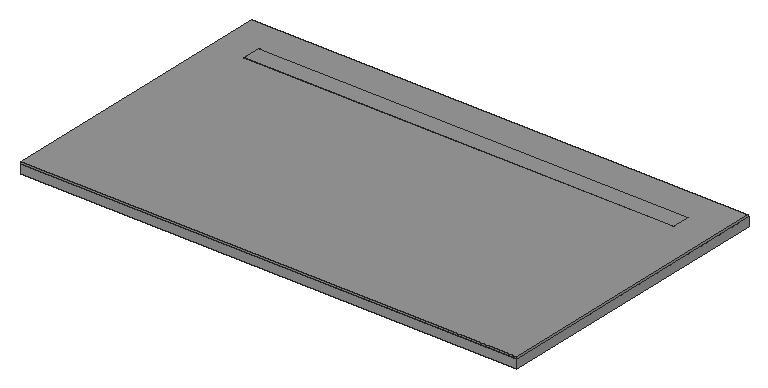
Revit family "UNB_Specchio_Multiproduct_BIM_IT_T3339;T3340;T3341;T3342;T3343;T3344_NEW", category Plumbing Fixtures, host Face, Revit 2017
Family settings
  Host = Face
  Round Connector Dimension = Use Diameter
  Part Type = Normal
  Cut with Voids When Loaded = No
  Shared = No
  Room Calculation Point = No
Parameters (values of type "T3344 - 1200 x 700 mirror")
  VersioneClassificazioneUni2015 = "IfcFurnitureType"
  Versione = "1"
  ValoreDellaSuperficie = "n/a"
  UnitàVolume = "litro"
  UnitàSuperficie = "millimetro"
  UnitàMonetaria = "€"
  UnitàLineare = "millimetro"
  UnitàDurataGaranzia = "anno"
  UnitàDurata = "anno"
  URL = "http://www.idealstandard.it"
  TipologiaVaso = "Altro"
  TipoEspotazioneIfc = "IfcFurnitureType"
  TipoDiDato = "Fisso"
  Telefono = "800 652 290"
  Spazio = "interno"
  Sostenibilità = "n/a"
  RiferimentoClassificazioneUni2015 = "MIRRORS"
  Riferimento = "T3344"
  Revisione = "1"
  ProfonditàNominale = 26 mm
  Produttore = "info@idealstandard.it"
  PesoNetto = "10.37 Kg"
  PesoLordo = "n/a"
  PartiDiRicambio = "http://www.idealstandard.it"
  NumeroDiModello = "T3344BH"
  NomeOggettoBim = "ISI_IdealStandard_Specchio_T3344"
  Nome = "ISI_IdealStandard_Specchio_T3344"
  ModelloDiRiferimento = "SPECCHIO MID LIGHT 120X70 60,9W 230W"
  Model = "T3344BH"
  Materiale = "bicchiere"
  Manufacturer = "info@idealstandard.it"
  LunghezzaNominale = 26 mm
  LarghezzaNominale = 1200 mm
  InstruzioniInstallazione = "http://www.idealstandard.it"
  InformazioniGaranzia = "info@idealstandard.it"
  InformazioniDiProdotto = "http://www.idealstandard.it"
  InformaziniGaranzia = "info@idealstandard.it"
  IfcEsportaCome = "BATHROOM FURNITURE"
  Grado = "n/a"
  GaranziaInstallazione = "n/a"
  Garanzia = "garanzia del produttore"
  Forma = "rettangolare"
  Finitura = "specchio"
  DurataGaranziaProdotti = "n/a"
  DurataGaranziaLegale = "n/a"
  DurataGaranzia = "n/a"
  DistribuitoDa = "n/a"
  Dimensione = ""
  DescrizioneClassifcazioneUni2015 = "Bathroom furniture"
  Description = "SPECCHIO MID LIGHT 120X70 60,9W 230W"
  Default Elevation = 1500 mm
  Creato = "Ideal Standard"
  CostoDiSostituzione = 0
  Cost = 0
  Connessione = "piombatura"
  Componenti = "n/a"
  Colore = "specchio"
  CodiceRiferimento = "n/a"
  CodiceDiPrestazione = "EN"
  CodiceArticolo = "n/a"
  CodiceABarre = "8014140447368"
  CicloDiVitaDelProdotto = "n/a"
  Caratteristiche = "SPECCHIO MID LIGHT 120X70 60,9W 230W"
  Brand = "Ideal Standard"
  Autore = "Ideal Standard"
  AltezzaNominale = 700 mm
  Aiuto = "info@idealstandard.it"
  Accessori = "http://www.idealstandard.it"
  Accesso = "n/a"
Types (6, lengths in mm): name | Riferimento | PesoNetto | NumeroDiModello | NomeOggettoBim | Nome | ModelloDiRiferimento | Model | LarghezzaNominale | Description | CodiceABarre | Caratteristiche
  T3341 - 700 x 700 mirror | "T3341" | "6.57 Kg" | "T3341BH" | "ISI_IdealStandard_Specchio_T3341" | "ISI_IdealStandard_Specchio_T3341" | "SPECCHIO MID LIGHT 70X70 29,3W 230W" | "T3341BH" | 700 | "SPECCHIO MID LIGHT 70X70 29,3W 230W" | "8014140447337" | "SPECCHIO MID LIGHT 70X70 29,3W 230W"
  T3339 - 500 x 700 mirror | "T3339" | "5.13 Kg" | "T3339BH" | "ISI_IdealStandard_Specchio_T3339" | "ISI_IdealStandard_Specchio_T3339" | "SPECCHIO MID LIGHT 50X70 25,5W 230W" | "T3339BH" | 500 | "SPECCHIO MID LIGHT 50X70 25,5W 230W" | "8014140447313" | "SPECCHIO MID LIGHT 50X70 25,5W 230W"
  T3340 - 600 x 700 mirror | "T3340" | "5.86 Kg" | "T3340BH" | "ISI_IdealStandard_Specchio_T3340" | "ISI_IdealStandard_Specchio_T3340" | "SPECCHIO MID LIGHT 60X70 27,4W 230W" | "T3340BH" | 600 | "SPECCHIO MID LIGHT 60X70 27,4W 230W" | "8014140447320" | "SPECCHIO MID LIGHT 60X70 27,4W 230W"
  T3342 - 800 x 700 mirror | "T3342" | "7.33 Kg" | "T3342BH" | "ISI_IdealStandard_Specchio_T3342" | "ISI_IdealStandard_Specchio_T3342" | "SPECCHIO MID LIGHT 80X70 31,3W 230W" | "T3342BH" | 800 | "SPECCHIO MID LIGHT 80X70 31,3W 230W" | "8014140447344" | "SPECCHIO MID LIGHT 80X70 31,3W 230W"
  T3343 - 1000 x 700 mirror | "T3343" | "8.88 Kg" | "T3343BH" | "ISI_IdealStandard_Specchio_T3343" | "ISI_IdealStandard_Specchio_T3343" | "SPECCHIO MID LIGHT 100X70 57,1W 230W" | "T3343BH" | 1000 | "SPECCHIO MID LIGHT 100X70 57,1W 230W" | "8014140447351" | "SPECCHIO MID LIGHT 100X70 57,1W 230W"
  T3344 - 1200 x 700 mirror | "T3344" | "10.37 Kg" | "T3344BH" | "ISI_IdealStandard_Specchio_T3344" | "ISI_IdealStandard_Specchio_T3344" | "SPECCHIO MID LIGHT 120X70 60,9W 230W" | "T3344BH" | 1200 | "SPECCHIO MID LIGHT 120X70 60,9W 230W" | "8014140447368" | "SPECCHIO MID LIGHT 120X70 60,9W 230W"
Reference planes
  plane 1 "Center (Front/Back)": y = 0
  plane 2: z = 0
  plane 3 "Center (Left/Right)": x = 0
  plane 4: x = -600
  plane 5: x = 600
  plane 6: y = 350
  plane 7: y = -350
  plane 8: x = -520
  plane 9: x = 520
  plane 10: y = 270
  plane 11: y = 225
  plane 12: z = 26
  plane 13: z = 22
Forms (mm)
  Extrusion 1, solid, material "Default"
    sketch origin (0, 20.991, -18) x (0, 1, 0) y (-1, 0, 0)
      loop
        line (329.009, 600) -> (-370.991, 600) -> (-370.991, -600) -> (329.009, -600) -> (329.009, 600)
    from 18 to 40
  Extrusion 2, solid, material "ISI_IdealStandard_Mirror_MirrorGlazing_Render"
    sketch origin (-1524, -4572, 22) x (-1, 0, 0) y (0, -1, 0)
      loop
        line (-924, -4922) -> (-924, -4222) -> (-2124, -4222) -> (-2124, -4922) -> (-924, -4922)
    from 0 to 4
  Extrusion 3, solid, material "ISI_IdealStandard_Mirror_IlluminatedArea_Render"
    sketch origin (-1524, -4572, 26) x (-1, 0, 0) y (0, -1, 0)
      loop
        line (-1004, -4842) -> (-1004, -4797) -> (-2044, -4797) -> (-2044, -4842) -> (-1004, -4842)
    from 0 to 1
Dimensions and locks
  equal spacing: plane 4, plane 3 "Center (Left/Right)", plane 5
  "LarghezzaNominale": plane 4 to plane 5
  equal spacing: plane 6, plane 1 "Center (Front/Back)", plane 7
  "AltezzaNominale": plane 6 to plane 7
  plane 6 to plane 10 to plane 11 = 80 mm locked, 45 mm locked
  locked: plane 4 to plane 8 at 80
  locked: plane 9 to plane 5 at 80
  locked: plane 12 to plane 13 at 4
  "ProfonditàNominale": plane 12 to plane 2
  aligned and locked: plane 2 to host face
  aligned and locked: level to host face
  aligned and locked: Extrusion 2 sketch curve to plane 6
  aligned and locked: plane 4 to Extrusion 2 sketch curve
  aligned and locked: plane 7 to Extrusion 2 sketch curve
  aligned and locked: Extrusion 2 sketch curve to plane 5
  aligned and locked: plane 5 to Extrusion 1
  aligned and locked: plane 6 to Extrusion 1
  aligned and locked: Extrusion 1 to plane 4
  aligned and locked: Extrusion 1 to plane 7
  aligned and locked: Extrusion 3 sketch curve to plane 10
  aligned and locked: plane 8 to Extrusion 3 sketch curve
  aligned and locked: plane 11 to Extrusion 3 sketch curve
  aligned and locked: plane 9 to Extrusion 3 sketch curve
  aligned and locked: plane 12 to Extrusion 2
  aligned and locked: plane 13 to Extrusion 1
Automatic sketch dimensions
  host sketch curve to host sketch curve = 2438.4 mm  (x2)
  Extrusion 1 sketch curve to plane 4 = 0 mm
  Extrusion 1 sketch curve to plane 7 = 0 mm
  Extrusion 1 sketch curve to plane 6 = 0 mm
  Extrusion 1 sketch curve to plane 5 = 0 mm
